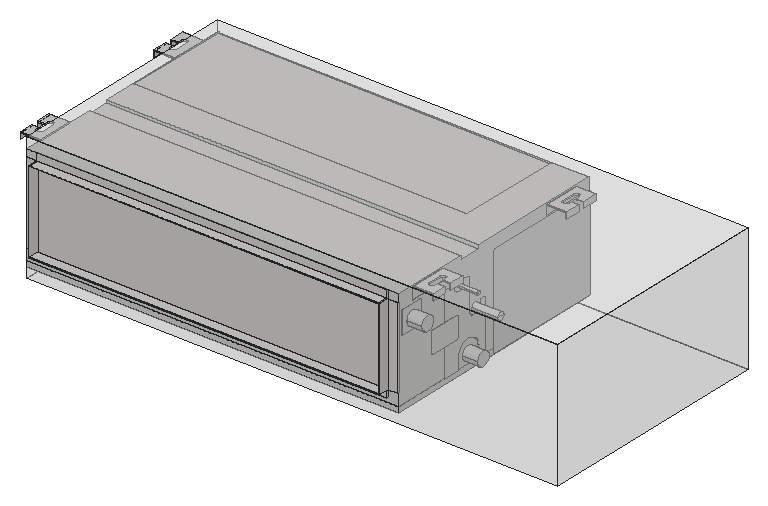
Revit family "outputfile", category 機械設備, Revit 2024
Family settings
  丸型コネクタ寸法 = 半径を使用
  パーツ タイプ = 標準
  OmniClass 番号 = 23.75.10.24.21.27.27
  OmniClass タイトル = Split System Air Conditioning Units
  作業面ベース = いいえ
  常に垂直 = はい
  ロード時にボイドで切り取り = いいえ
  注釈の向きを維持 = いいえ
  共有 = いいえ
  部屋計算ポイント = はい
Parameters (values of type "FPDQ20APV1")
  Description = ""
  書き出し IFC クラス(タイプ) = "IfcUnitaryEquipmentType"
  定義済み IFC タイプ(タイプ) = "AIRCONDITIONINGUNIT"
  Cost = 0
  Type Comments = ""
  Keynote = ""
  Type Image = (empty or 0)
  Assembly Code = ""
  w_RA Duct Size = RA Duct Size Width + 34.0 mm  # 630.0 mm
  r_HP/LP Gas Pipe Size = 4.75 mm
  lw_HP/LP Gas Pipe Size = 60.0 mm  # constant formula
  lh_HP/LP Gas Pipe Size = -103.0 mm
  ld_mountinghole = 67.5 mm  # constant formula
  ld_HP/LP Gas Pipe Size = 131.0 mm
  製造元 = "Daikin"
  モデル = "FPDQ20APV1"
  w_pipe = 33.0 mm
  r_Liquid Pipe Size = Liquid Pipe Size / 2  # 3.2 mm
  r_Gas Pipe Size = Gas Pipe Size / 2  # 6.35 mm
  r_Drain Pipe Size = Drain Pipe Size / 2  # 13.0 mm
  lw_powersupply = 49.5 mm
  lh_suctionflange [instance] = if(Rear Connection_Return Air, 100.0 mm + [h***], 190.0 mm + [h***])  # 100.0 mm
  ld_suctionflange [instance] = if(Rear Connection_Return Air, 190.0 mm, 100.0 mm)  # 190.0 mm
  ld_powersupply = 60.0 mm
  angle_vertical_RA [instance] = if(Rear Connection_Return Air, 90.00°, 0.00°)  # 90.00°
  angle horizontal_RA [instance] = if(Rear Connection_Return Air, 180.00°, 270.00°)  # 180.00°
  Voltage_comment_50Hz = "220 - 240"
  Voltage_50Hz = 230 V
  URL = ""
  Supply Air Direction [instance] = yes
  Sound Power Level_H speed (dB) = 0
  Rear Connection_Return Air [instance] = not(Bottom Connection_Return Air)  # yes
  RA_length = 190.0 mm  # constant formula
  Phase_50Hz = 1
  Minimum External Static Pressure = 10.00 Pa
  Minimum Circuit Amps_50Hz = 0.7 A
  Maximum Fuse Amps_50Hz = 16.0 A
  Maximum External Static Pressure = 30.00 Pa
  Material_Casing = DAIKIN_GalvanizedSteel_Casing_indoorunit
  lw_liquidpipe = 39.0 mm  # constant formula
  lw_gaspipe = 50.5 mm  # constant formula
  lw_mountinghole_pitch = Width + 40.0 mm  # 740.0 mm
  lw_mountinghole = 20.0 mm  # constant formula
  lw_drainpipe = 33.0 mm  # constant formula
  lh_powersupply = 20.0 mm
  lh_liquidpipe = 154.5 mm
  lh_gaspipe = 102.0 mm
  lh_mountinghole = Height + [h***]  # 200.0 mm
  lh_drainpipe = 50.0 mm
  lh_antena = 1.0 mm  # constant formula
  ld_liquidpipe = 141.0 mm
  ld_gaspipe = 178.5 mm  # constant formula
  ld_mountinghole_pitch = 315.0 mm  # constant formula
  ld_drainpipe = 422.0 mm  # constant formula
  ld_controlbox = 626.0 mm  # constant formula
  h*** = 0.0 mm  # constant formula
  d_dischargeflange = 22.2 mm  # constant formula
  Width = 700.0 mm
  Version = "ver.1.0"
  Unit Type = "Compact Ceiling Mounted Duct Type"
  Unit Mass Weight = 17.00 kg
  Unit Designation [instance] = ""
  Uniclass2015Version = "Products v1.30"
  Uniclass2015Title = "Variable refrigerant flow units"
  Uniclass2015Code = "Pr_70_65_03_94"
  Total Cooling Capacity [instance] = 0.000 kW
  Sound Pressure Level_M speed (dBA) = 25
  Sound Pressure Level_L speed (dBA) = 23
  Sound Pressure Level_H speed (dBA) = 27
  Series = "VRV HOME_Fan Coil Unit"
  Sensible Cooling Capacity [instance] = 0.000 kW
  SA Duct Size Width = 660.0 mm
  SA Duct Size Height = 153.0 mm
  Refrigerant Type = "R410A"
  RA Duct Size Width = 596.0 mm
  RA Duct Size Height = 172.0 mm
  Power Input (Cooling) = 0.072 kW
  Option Accessory 3 [instance] = ""
  Option Accessory 2 [instance] = ""
  Option Accessory 1 [instance] = ""
  Nominal Cooling Capacity = 2.200 kW
  Minimum Airflow = 390.00 m³/h
  Median Airflow = 456.00 m³/h
  Maximum Airflow = 522.00 m³/h
  Load Classification = HVAC
  Liquid Pipe Size = 6.4 mm
  Link_Nested Family [instance] = ""
  IfcVersion = ""
  IfcExportType = "AIRCONDITIONINGUNIT"
  IfcExportAs = "IfcUnitaryEquipmentType"
  Height = 200.0 mm
  Heat Exchanger Type = "Cross Fin Coil"
  Gas Pipe Size = 12.7 mm
  Frequency_50Hz = 50 Hz
  Fan Type = "Sirocco Fan"
  Fan Drive = "Direct Drive"
  FCU Tag No. [instance] = ""
  Drain Pipe Size = 26.0 mm
  Design Supply Airflow [instance] = 0.00 m³/h
  Design Return Airflow [instance] = 0.00 m³/h
  Design External Static Pressure [instance] = 0.00 Pa
  Depth = 450.0 mm
  既定の高さ = 0.0 mm
  Cooling Entering Wet Bulb Temperature [instance] = 0.00 °C
  Cooling Entering Dry Bulb Temperature [instance] = 0.00 °C
  Cooling Ambient Wet Bulb Temperature [instance] = 0.00 °C
  Cooling Ambient Dry Bulb Temperature [instance] = 0.00 °C
  Clearance visibility [instance] = yes
  Clearance Top = 20.0 mm
  Clearance Right = 300.0 mm
  Clearance Rear = 0.0 mm
  Clearance Left = 0.0 mm
  Clearance Front = 0.0 mm
  Clearance Bottom = 20.0 mm
  Bottom Connection_Return Air [instance] = no
Reference planes
  plane 1 "Center (Front/Back)": y = 0
  plane 2: z = 0
  plane 3 "Center (Left/Right)": x = 0
  plane 4 "Back": y = 225
  plane 5 "Front": y = -225
  plane 6 "Left": x = -350
  plane 7 "Right": x = 350
  plane 8 "Top": z = 0
  plane 9 "Bottom": z = -200
  plane 10: x = 325
  plane 11: x = -330
  plane 12: z = -180
  plane 13: z = -6
  plane 14: z = -22
  plane 15: z = -45.5
  plane 16: z = -98
  plane 17: x = -304
  plane 18: x = -370
  plane 19: x = 370
  plane 20: y = -157.5
  plane 21: y = 157.5
  plane 22: x = -390
  plane 23: x = 390
  plane 24: x = 389
  plane 25: x = 400.5
  plane 26: x = 383
  plane 27: z = 0
  plane 28: z = -150
  plane 29 "Clearance Left": x = -350
  plane 30 "Clearance Right": x = 650
  plane 31 "Clearance Rear": y = 225
  plane 32 "Clearance Front": y = -225
  plane 33 "Clearance Top": z = 20
  plane 34 "Clearance Bottom": z = -220
  plane 35: z = -14
  plane 36: z = -50
  plane 37: z = -96.5
  plane 38: x = -32
  plane 39: y = -46.5
  plane 40: y = -84
  plane 41: y = -30
  plane 42: y = -197
  plane 43: z = -90.5
  plane 44: y = -224
  plane 45: x = -349
  plane 46: z = -90
  plane 47: z = -30
  plane 48: y = 210
  plane 49: z = -199
  plane 50: y = 35
  plane 51: z = -101
  plane 52: x = 380
  plane 53: z = 11
  plane 54: z = 97.5
  plane 55: y = -94
Forms (mm)
  Extrusion 1, solid, material "DAIKIN_GalvanizedSteel_Casing_indoorunit" <- "Material_Casing"
    sketch origin (0, 0, 0) x (1, 0, 0) y (0, 1, 0)
      loop
        line (-350, -225) -> (350, -225) -> (350, 225) -> (-350, 225) -> (-350, -225)
    from -200 to 0
  Extrusion 2, void
    sketch origin (0, 0, 1) x (1, 0, 0) y (0, 1, 0)
      loop
        line (-350, -78) -> (350, -78) -> (350, -36) -> (-350, -36) -> (-350, -78)
    from -1 to -7
  Revolve 3, solid, material "DAIKIN_GalvanizedSteel_Casing_indoorunit" <- "Material_Casing"
    sketch origin (0, 0, -98) x (0, -1, 0) y (1, 0, 0)
      loop
        line (40.15, 350) -> (46.5, 350) -> (46.5, 400.5) -> (40.15, 400.5) -> (40.15, 350)
      axis (46.5, 350) -> (46.5, 400.5)
    angle from 0 to 360
  Revolve 4, solid, material "DAIKIN_GalvanizedSteel_Casing_indoorunit" <- "Material_Casing"
    sketch origin (0, 0, -45.5) x (0, -1, 0) y (1, 0, 0)
      loop
        line (84, 350) -> (84, 389) -> (80.8, 389) -> (80.8, 350) -> (84, 350)
      axis (84, 389) -> (84, 350)
    angle from 0 to 360
  Extrusion 5, solid, material "DAIKIN_GalvanizedSteel_Casing_indoorunit" <- "Material_Casing"
    sketch origin (350, 0, 33.75) x (0, 1, 0) y (0, 0, 1)
      loop
        circle (-197, -83.75) r 13
    from 0 to 33
  Extrusion 6, solid, material "DAIKIN_GalvanizedSteel_Casing_indoorunit" <- "Material_Casing"
    sketch origin (0, 0, 0) x (1, 0, 0) y (0, 0, 1)
      loop
        line (-350, -189.5) -> (-350, -200) -> (350, -200) -> (350, -189.5) -> (-350, -189.5)
    from 2 to 225
  Extrusion 7, solid, material "DAIKIN_GalvanizedSteel_Casing_indoorunit" <- "Material_Casing", visible <- "Bottom Connection_Return Air"
    sketch origin (0, 225, 0) x (-1, 0, 0) y (0, 0, 1)
      loop
        line (-279, -200) -> (349, -200) -> (349, -1) -> (-279, -1) -> (-279, -200)
    from -1 to 0
  Extrusion 8, void
    sketch origin (0, 225, 0) x (-1, 0, 0) y (0, 0, 1)
      loop
        line (-279, 0) -> (-279, -1) -> (349, -1) -> (349, 0) -> (-279, 0)
    from 0 to -199
  Extrusion 9, solid, material "DAIKIN_GalvanizedSteel_Casing_indoorunit" <- "Material_Casing", visible <- "Rear Connection_Return Air"
    sketch origin (0, 0, 0) x (1, 0, 0) y (0, 1, 0)
      loop
        line (-349, 225) -> (-349, 26) -> (279, 26) -> (279, 225) -> (-349, 225)
    from -200 to -199
  Extrusion 10, solid, material "DAIKIN_GalvanizedSteel_Casing_indoorunit" <- "Material_Casing"
    sketch origin (350, 0, 0) x (0, 1, 0) y (0, 0, 1)
      loop
        line (225, -22.445) -> (1.953, -22.445)
        arc (1.953, -22.445) -> (-0.169, -23.324) -> (-1.047, -25.445) r 3
        line (-1.047, -25.445) -> (-1.047, -195.005)
        arc (-1.047, -195.005) -> (-0.169, -197.126) -> (1.953, -198.005) r 3
        line (1.953, -198.005) -> (225, -198.005) -> (225, -22.445)
    from 1 to 0
  Extrusion 11, solid, material "DAIKIN_GalvanizedSteel_Casing_indoorunit" <- "Material_Casing"
    sketch origin (350, 0, 0) x (0, 1, 0) y (0, 0, 1)
      loop
        circle (-62, -170) r 13
    from 30 to 0
  Extrusion 12, solid, material "DAIKIN_GalvanizedSteel_Casing_indoorunit" <- "Material_Casing"
    sketch origin (350, 0, 0) x (0, 1, 0) y (0, 0, 1)
      loop
        line (-148.682, -97.261) -> (-148.687, -131.178)
        arc (-148.687, -131.178) -> (-147.811, -133.295) -> (-145.695, -134.172) r 2.993
        line (-145.695, -134.172) -> (-91.826, -134.18)
        arc (-91.826, -134.18) -> (-89.709, -133.304) -> (-88.832, -131.187) r 2.994
        line (-88.832, -131.187) -> (-88.832, -97.148)
        arc (-88.832, -97.148) -> (-89.749, -95.111) -> (-91.821, -94.277) r 2.992
        line (-91.821, -94.277) -> (-145.689, -94.269)
        arc (-145.689, -94.269) -> (-147.805, -95.145) -> (-148.682, -97.261) r 2.993
      loop
        line (-176, -70.949) -> (-176, -29) -> (-218, -29) -> (-218, -70.949) -> (-176, -70.949)
    from 0 to 3
  Extrusion 13, solid, material "DAIKIN_GalvanizedSteel_Casing_indoorunit" <- "Material_Casing"
    sketch origin (350, 0, 0) x (0, 1, 0) y (0, 0, 1)
      loop
        line (-37.558, -189.537) -> (-21.994, -189.537) -> (-21.994, -94.768)
        arc (-21.994, -94.768) -> (-22.579, -93.358) -> (-23.989, -92.773) r 1.995
        line (-23.989, -92.773) -> (-30.037, -92.773)
        arc (-30.037, -92.773) -> (-31.448, -93.358) -> (-32.032, -94.768) r 1.995
        line (-32.032, -94.768) -> (-32.032, -98)
        arc (-32.032, -98) -> (-46.255, -112.466) -> (-60.959, -98.49) r 14.468
        line (-60.959, -98.49) -> (-60.959, -42.953)
        arc (-60.959, -42.953) -> (-61.685, -41.568) -> (-63.124, -40.958) r 2.32
        line (-63.124, -40.958) -> (-69.828, -40.958)
        arc (-69.828, -40.958) -> (-71.239, -41.542) -> (-71.823, -42.953) r 1.995
        line (-71.823, -42.953) -> (-71.823, -45.946)
        arc (-71.823, -45.946) -> (-83.794, -57.917) -> (-95.765, -45.946) r 11.971
        line (-95.765, -45.946) -> (-95.765, -42.953)
        arc (-95.765, -42.953) -> (-96.349, -41.542) -> (-97.76, -40.958) r 1.995
        line (-97.76, -40.958) -> (-114.828, -40.958)
        arc (-114.828, -40.958) -> (-116.239, -41.542) -> (-116.823, -42.953) r 1.995
        line (-116.823, -42.953) -> (-116.823, -94.273) -> (-91.821, -94.277)
        arc (-91.821, -94.277) -> (-89.749, -95.111) -> (-88.832, -97.148) r 2.992
        line (-88.832, -97.148) -> (-88.832, -131.186)
        arc (-88.832, -131.186) -> (-89.709, -133.303) -> (-91.826, -134.18) r 2.994
        line (-91.826, -134.18) -> (-116.823, -134.176) -> (-116.823, -189.537) -> (-86.438, -189.537) -> (-86.438, -169.501)
        arc (-86.438, -169.501) -> (-61.998, -145.061) -> (-37.558, -169.501) r 24.44
        line (-37.558, -169.501) -> (-37.558, -189.537)
    from 0 to 1
  Extrusion 14, solid, material "DAIKIN_GalvanizedSteel_Casing_indoorunit" <- "Material_Casing"
    sketch origin (-350, 0, 0) x (0, 1, 0) y (0, 0, 1)
      loop
        line (72.017, -134.38) -> (151.983, -134.38) -> (151.983, -85.62) -> (72.017, -85.62) -> (72.017, -134.38)
    from 0 to -1
  Extrusion 15, solid, material "DAIKIN_GalvanizedSteel_Casing_indoorunit" <- "Material_Casing"
    sketch origin (-350, 0, 0) x (0, 1, 0) y (0, 0, 1)
      loop
        circle (112, -110) r 20.479
    from 0 to -7
  Extrusion 16, solid, material "DAIKIN_GalvanizedSteel_Casing_indoorunit" <- "Material_Casing"
    sketch origin (-350, 0, 0) x (0, 1, 0) y (0, 0, 1)
      loop
        circle (112, -110) r 17.066
    from 0 to -9
  Extrusion 17, solid, material "DAIKIN_GalvanizedSteel_Casing_indoorunit" <- "Material_Casing"
    sketch origin (-350, 0, 0) x (0, 1, 0) y (0, 0, 1)
      loop
        circle (112, -110) r 7.5
    from 0 to -22.5
Cuts and joins
  Extrusion 2, Extrusion 8 cuts Extrusion 1
  Extrusion 8 cuts Extrusion 6
  joined: Extrusion 14, Extrusion 15, Extrusion 16, Extrusion 17
Dimensions and locks
  "lh_powersupply": plane 12 to plane 9 "Bottom"
  locked: plane 8 "Top" to plane 13 at 6
  "Height": plane 8 "Top" to plane 9 "Bottom"
  locked: plane 17 to plane 3 "Center (Left/Right)" at 304
  equal spacing: plane 18, plane 3 "Center (Left/Right)", plane 19
  "lw_mountinghole_pitch": plane 18 to plane 19
  locked: plane 14 to plane 9 "Bottom" at 178
  "lw_mountinghole": plane 22 to plane 18
  "lh_liquidpipe": plane 15 to plane 9 "Bottom"
  "lh_gaspipe": plane 16 to plane 9 "Bottom"
  "lh_mountinghole": plane 27 to plane 9 "Bottom"
  "ld_mountinghole_pitch": plane 21 to plane 20
  equal spacing: plane 6 "Left", plane 3 "Center (Left/Right)", plane 7 "Right"
  "Width": plane 6 "Left" to plane 7 "Right"
  "lh_drainpipe": plane 28 to plane 9 "Bottom"
  "Clearance Right": plane 7 "Right" to plane 30 "Clearance Right"
  "Clearance Left": plane 29 "Clearance Left" to plane 6 "Left"
  "lw_gaspipe": plane 7 "Right" to plane 25
  "lw_liquidpipe": plane 7 "Right" to plane 24
  "lw_drainpipe": plane 7 "Right" to plane 26
  "Clearance Rear": plane 31 "Clearance Rear" to plane 4 "Back"
  "Clearance Front": plane 5 "Front" to plane 32 "Clearance Front"
  "Clearance Top": plane 33 "Clearance Top" to plane 8 "Top"
  "Clearance Bottom": plane 9 "Bottom" to plane 34 "Clearance Bottom"
  plane 8 "Top" to plane 35 = 14.0 mm
  "lh_drainpipe": plane 8 "Top" to plane 36
  locked: plane 37 to plane 9 "Bottom" at 103.5
  locked: plane 35 to plane 43 at 76.5
  "Depth": plane 4 "Back" to plane 5 "Front"
  equal spacing: plane 4 "Back", plane 1 "Center (Front/Back)", plane 5 "Front"
  locked: plane 44 to plane 5 "Front" at 1
  locked: plane 45 to plane 6 "Left" at 1
  Extrusion 7 sketch curve to Extrusion 7 sketch curve = 199.0 mm
  nested 12 to plane 38 = 298.0 mm
  locked: plane 12 to plane 46 at 90
  plane 31 "Clearance Rear" to Extrusion 7 = 0.0 mm
  locked: plane 47 to plane 34 "Clearance Bottom" at 190
  plane 48 to nested 13 = 1.0 mm
  locked: plane 49 to plane 9 "Bottom" at 1
  "ld_suctionflange": plane 4 "Back" to plane 50
  locked: plane 51 to plane 9 "Bottom" at 99
  locked: plane 52 to plane 7 "Right" at 30
  "r_Gas Pipe Size": Revolve 3 sketch curve to Revolve 3 sketch curve
  "ld_gaspipe": plane 39 to plane 5 "Front"
  "r_Liquid Pipe Size": Revolve 4 sketch curve to plane 40
  "ld_liquidpipe": plane 40 to plane 5 "Front"
  "ld_drainpipe": plane 4 "Back" to plane 42
  "ld_HP/LP Gas Pipe Size": plane 55 to plane 5 "Front"
  plane 8 "Top" to plane 15 = 45.5 mm
  Extrusion 2 sketch curve to plane 5 "Front" = 189.0 mm
  "lw_powersupply": nested 11 to plane 7 "Right"
  plane 4 "Back" to nested 11 = 60.0 mm
  locked: plane 7 "Right" to Extrusion 8 sketch curve at 71
  locked: plane 7 "Right" to Extrusion 7 sketch curve at 71
  "ld_mountinghole": plane 20 to plane 5 "Front"
  locked: Extrusion 6 sketch curve to plane 9 "Bottom" at 10.5
  "ld_gaspipe": Revolve 3 sketch curve to plane 5 "Front"
  plane 8 "Top" to Extrusion 12 sketch curve to Extrusion 12 sketch curve = 29.0 mm locked, 41.949 mm locked
  plane 5 "Front" to Extrusion 12 sketch curve to Extrusion 12 sketch curve = 7.0 mm locked, 42.0 mm locked
  "r_Drain Pipe Size": radius of Extrusion 5 sketch curve
  aligned and locked: level to plane 2
  aligned and locked: Extrusion 1 to plane 9 "Bottom"
  aligned and locked: plane 8 "Top" to Extrusion 1
  aligned and locked: Revolve 3 sketch curve to Revolve 3 sketch curve
  aligned and locked: plane 24 to nested 6
  aligned and locked: nested 6 to plane 15
  aligned and locked: nested 2 to plane 21
  aligned and locked: plane 19 to nested 2
  aligned and locked: plane 19 to nested 3
  aligned and locked: plane 18 to nested 4
  aligned and locked: plane 21 to nested 5
  aligned and locked: nested 5 to plane 21
  aligned and locked: plane 18 to nested 5
  aligned and locked: plane 8 "Top" to nested 1
  aligned and locked: Extrusion 6 to plane 5 "Front"
  aligned and locked: Extrusion 6 to plane 9 "Bottom"
  aligned and locked: nested 7 to plane 16
  aligned and locked: plane 39 to nested 7
  aligned and locked: plane 40 to nested 6
  aligned and locked: Extrusion 5 sketch curve to plane 42
  aligned and locked: nested 12 to plane 45
  aligned and locked: plane 4 "Back" to Extrusion 8
  aligned and locked: plane 8 "Top" to Extrusion 2
  aligned and locked: Extrusion 7 to cut or joined group of Extrusion 1, Extrusion 2, Extrusion 8
  aligned and locked: plane 9 "Bottom" to Extrusion 9  (x2)
  aligned and locked: Extrusion 9 to plane 49
  aligned and locked: plane 4 "Back" to nested 12
  aligned and locked: Extrusion 8 to level
  aligned and locked: plane 30 "Clearance Right" to nested 14
  aligned and locked: plane 29 "Clearance Left" to nested 14
  aligned and locked: nested 14 to plane 32 "Clearance Front"
  aligned and locked: nested 14 to plane 33 "Clearance Top"
  aligned and locked: nested 14 to plane 34 "Clearance Bottom"
  aligned and locked: plane 7 "Right" to Extrusion 10
  aligned and locked: Extrusion 2 to plane 13
  aligned and locked: nested 8 to plane 36
  aligned and locked: nested 10 to plane 1 "Center (Front/Back)"
  aligned and locked: plane 45 to Extrusion 7
  aligned and locked: nested 12 to plane 49
  aligned and locked: plane 3 "Center (Left/Right)" to nested 10
  aligned and locked: plane 43 to nested 9
  aligned and locked: level to plane 8 "Top"
  aligned and locked: plane 3 "Center (Left/Right)" to nested 1
  aligned and locked: Extrusion 1 sketch curve to plane 5 "Front"
  aligned and locked: plane 3 "Center (Left/Right)" to nested 16
  aligned and locked: plane 5 "Front" to nested 16
  aligned and locked: nested 9 to plane 5 "Front"
  aligned and locked: plane 40 to Revolve 4 sketch curve  (x2)
  aligned and locked: plane 7 "Right" to nested 7
  aligned and locked: Extrusion 9 sketch curve to cut or joined group of Extrusion 1, Extrusion 2, Extrusion 8
  aligned and locked: plane 45 to nested 13
  aligned and locked: plane 7 "Right" to nested 8
  aligned and locked: plane 42 to nested 8
  aligned and locked: cut or joined group of Extrusion 1, Extrusion 2, Extrusion 8 to Extrusion 9 sketch curve
  aligned and locked: plane 1 "Center (Front/Back)" to nested 1
  aligned and locked: nested 4 to plane 20
  aligned and locked: nested 3 to plane 20
  aligned and locked: nested 16 to plane 35
  aligned and locked: nested 13 to Extrusion 7
  aligned and locked: plane 38 to nested 15
  aligned and locked: nested 15 to plane 50
  aligned and locked: plane 4 "Back" to nested 11
  aligned and locked: plane 12 to nested 11
  aligned and locked: plane 7 "Right" to Revolve 4 sketch curve
  aligned and locked: plane 7 "Right" to Revolve 3 sketch curve
  aligned and locked: Revolve 3 sketch curve to nested 7
  aligned and locked: Extrusion 6 sketch curve to plane 9 "Bottom"
  aligned and locked: plane 31 "Clearance Rear" to nested 14
Automatic sketch dimensions
  Extrusion 1 sketch curve to plane 4 "Back" = 0.0 mm
  Extrusion 1 sketch curve to plane 6 "Left" = 0.0 mm
  Extrusion 1 sketch curve to plane 7 "Right" = 0.0 mm
  Extrusion 2 sketch curve to plane 6 "Left" = 0.0 mm
  Extrusion 2 sketch curve to plane 7 "Right" = 0.0 mm
  Revolve 3 sketch curve to plane 38 = 57.997 mm
  plane 24 to Revolve 3 sketch curve = 1.003 mm
  Revolve 4 sketch curve to plane 24 = 0.0 mm  (x2)
  Revolve 4 sketch curve to Revolve 4 sketch curve = 1.0 mm
  Extrusion 6 sketch curve to plane 6 "Left" = 0.0 mm
  Extrusion 6 sketch curve to plane 7 "Right" = 0.0 mm
  Extrusion 9 sketch curve to plane 45 = 0.0 mm
  Extrusion 9 sketch curve to plane 4 "Back" = 0.0 mm
  Extrusion 10 sketch curve to plane 4 "Back" = 0.0 mm
  plane 49 to Extrusion 10 sketch curve = 0.995 mm
  Extrusion 10 sketch curve to plane 50 = 33.047 mm  (x2)
  Extrusion 10 sketch curve to plane 14 = 3.445 mm
  Extrusion 10 sketch curve to Extrusion 10 sketch curve = 3.0 mm
  plane 36 to Extrusion 5 sketch curve = 0.0 mm
  Extrusion 7 sketch curve to plane 9 "Bottom" = 0.0 mm
  Extrusion 7 sketch curve to plane 45 = 0.0 mm
  Extrusion 8 sketch curve to level = 0.0 mm
  Extrusion 8 sketch curve to plane 45 = 0.0 mm
  Extrusion 8 sketch curve to Extrusion 8 sketch curve = 1.0 mm
  plane 20 to Extrusion 12 sketch curve = 8.813 mm
  Extrusion 12 sketch curve to plane 37 = 0.761 mm
  plane 20 to Extrusion 12 sketch curve = 8.818 mm
  Extrusion 12 sketch curve to Extrusion 12 sketch curve = 2.992 mm
  Extrusion 12 sketch curve to Extrusion 12 sketch curve = 2.993 mm  (x2)
  Extrusion 12 sketch curve to plane 37 = 0.762 mm
  plane 37 to Extrusion 12 sketch curve = 2.231 mm
  plane 55 to Extrusion 12 sketch curve = 2.174 mm
  plane 55 to Extrusion 12 sketch curve = 2.175 mm
  Extrusion 12 sketch curve to plane 37 = 0.77 mm
  plane 55 to Extrusion 12 sketch curve = 2.179 mm  (x2)
  Extrusion 12 sketch curve to plane 37 = 0.648 mm
  Extrusion 12 sketch curve to Extrusion 12 sketch curve = 2.99 mm
  plane 28 to Extrusion 12 sketch curve = 18.822 mm
  Extrusion 12 sketch curve to Extrusion 12 sketch curve = 0.0 mm
  plane 28 to Extrusion 12 sketch curve = 18.814 mm
  Extrusion 12 sketch curve to Extrusion 12 sketch curve = 0.001 mm
  Extrusion 11 sketch curve to plane 39 = 15.5 mm
  plane 12 to Extrusion 11 sketch curve = 10.0 mm
  Extrusion 13 sketch curve to plane 16 = 0.0 mm
  Extrusion 13 sketch curve to plane 39 = 0.0 mm
  plane 15 to Extrusion 13 sketch curve = 2.547 mm
  Extrusion 13 sketch curve to plane 39 = 14.459 mm
  Extrusion 13 sketch curve to plane 39 = 15.498 mm
  Extrusion 13 sketch curve to Extrusion 13 sketch curve = 2.165 mm
  Extrusion 13 sketch curve to Extrusion 13 sketch curve = 2.297 mm
  Extrusion 13 sketch curve to Extrusion 13 sketch curve = 6.704 mm
  Extrusion 13 sketch curve to plane 15 = 0.446 mm
  Extrusion 13 sketch curve to Extrusion 13 sketch curve = 1.995 mm  (x2)
  plane 40 to Extrusion 13 sketch curve = 0.206 mm
  Extrusion 13 sketch curve to plane 40 = 2.438 mm
  Extrusion 13 sketch curve to plane 37 = 0.648 mm
  Extrusion 13 sketch curve to plane 40 = 4.832 mm
  plane 55 to Extrusion 13 sketch curve = 2.179 mm  (x2)
  plane 16 to Extrusion 13 sketch curve = 0.73 mm
  plane 55 to Extrusion 13 sketch curve = 2.175 mm
  plane 55 to Extrusion 13 sketch curve = 2.174 mm
  plane 15 to Extrusion 13 sketch curve = 4.542 mm
  Extrusion 13 sketch curve to Extrusion 13 sketch curve = 17.068 mm
  plane 37 to Extrusion 13 sketch curve = 2.227 mm
  Extrusion 13 sketch curve to plane 55 = 22.823 mm  (x2)
  plane 37 to Extrusion 13 sketch curve = 1.732 mm  (x2)
  Extrusion 13 sketch curve to Extrusion 13 sketch curve = 14.468 mm
  Extrusion 13 sketch curve to plane 41 = 0.037 mm
  plane 41 to Extrusion 13 sketch curve = 6.011 mm
  plane 28 to Extrusion 13 sketch curve = 18.814 mm
  plane 28 to Extrusion 13 sketch curve = 15.824 mm
  plane 12 to Extrusion 13 sketch curve = 10.499 mm
  plane 49 to Extrusion 13 sketch curve = 9.463 mm  (x2)
  plane 15 to Extrusion 13 sketch curve = 2.226 mm
  plane 40 to Extrusion 2 sketch curve = 6.0 mm
  plane 46 to Extrusion 14 sketch curve = 4.38 mm
  plane 50 to Extrusion 14 sketch curve = 37.017 mm
  Extrusion 14 sketch curve to plane 21 = 5.517 mm
  plane 28 to Extrusion 14 sketch curve = 15.62 mm
  Extrusion 15 sketch curve to plane 51 = 9.0 mm
  Extrusion 15 sketch curve to plane 21 = 45.5 mm
  Extrusion 16 sketch curve to plane 51 = 9.0 mm
  Extrusion 16 sketch curve to plane 21 = 45.5 mm
  Extrusion 17 sketch curve to plane 51 = 9.0 mm
  Extrusion 17 sketch curve to plane 21 = 45.5 mm
  radius of Extrusion 11 sketch curve = 13.0 mm
  radius of Extrusion 15 sketch curve = 20.479 mm
  radius of Extrusion 16 sketch curve = 17.066 mm
  radius of Extrusion 17 sketch curve = 7.5 mm
Nested families
  nested 1: "daikin_hangerfixture_FPDQ-APV1" at (0, 0, 0), type "daikin_hangerfixture_FPDQ-APV1"
  nested 2: "daikin_mountinghole" at (370, 157.5, -200), l_antenna <- "lh_antena", Link_Nested Family <- "Link_Nested Family", h_mountinghole <- "lh_mountinghole", type "daikin_mountinghole"
    with show yes, l_antenna 1.0 mm, h_mountinghole 200.0 mm, Link_Nested Family ""
  nested 3: "daikin_mountinghole" at (370, -157.5, -200), Link_Nested Family <- "Link_Nested Family", l_antenna <- "lh_antena", h_mountinghole <- "lh_mountinghole", type "daikin_mountinghole"
    with show yes, l_antenna 1.0 mm, h_mountinghole 200.0 mm, Link_Nested Family ""
  nested 4: "daikin_mountinghole" at (-370, -157.5, -200), l_antenna <- "lh_antena", Link_Nested Family <- "Link_Nested Family", h_mountinghole <- "lh_mountinghole", type "daikin_mountinghole"
    with show yes, l_antenna 1.0 mm, h_mountinghole 200.0 mm, Link_Nested Family ""
  nested 5: "daikin_mountinghole" at (-370, 157.5, -200), l_antenna <- "lh_antena", Link_Nested Family <- "Link_Nested Family", h_mountinghole <- "lh_mountinghole", type "daikin_mountinghole"
    with show yes, l_antenna 1.0 mm, h_mountinghole 200.0 mm, Link_Nested Family ""
  nested 6: "daikin_connector_rotate2" at (350, -84, -45.5) x (0, 1, 0) z (0, 0, 1), length <- "lw_liquidpipe", built-in parameter 1001364 <- "lh_liquidpipe", radius <- "r_Liquid Pipe Size", type "daikin_connector_rotate2"
    with radius 3.2 mm, length 39.0 mm, angle_vertical 90.00°
  nested 7: "daikin_connector_rotate2" at (350, -46.5, -98) x (0, 1, 0) z (0, 0, 1), length <- "lw_gaspipe", built-in parameter 1001364 <- "lh_gaspipe", radius <- "r_Gas Pipe Size", type "daikin_connector_rotate2"
    with radius 6.35 mm, length 50.5 mm, angle_vertical 90.00°
  nested 8: "daikin_connector_rotate2" at (350, -197, -50) x (0, 1, 0) z (0, 0, 1), built-in parameter 1001364 <- "lh_drainpipe", radius <- "r_Drain Pipe Size", length <- "lw_drainpipe", type "daikin_connector_rotate2"
    with radius 13.0 mm, length 33.0 mm, angle_vertical 90.00°
  nested 9: "daikin_connector_rotate2" at (0, -225, -90.5), length <- "d_dischargeflange", type "daikin_connector_rotate2"
    with radius 10.0 mm, length 22.2 mm, angle_vertical 90.00°
  nested 10: "daikin_△_symbolicline" at (-75, -129.904, 200) x (-0.5, 0.866, 0) z (0, 0, 1), built-in parameter 1001364 <- "Height", visible <- "Supply Air Direction", type "daikin_△_symbolicline"
    with length 300.0 mm
  nested 11: "daikin_connector_rotate2" at (300.5, 165, -180) x (-1, 0, 0) z (0, 0, 1), type "daikin_connector_rotate2"
    with radius 10.0 mm, length 60.0 mm, angle_vertical 90.00°
  nested 12: "daikin_ductflange_FPDQ-APV1_2" at (-35, 225, -100), material <- "Material_Casing", visible <- "Rear Connection_Return Air", height <- "RA Duct Size Height", width <- "w_RA Duct Size", type "daikin_ductflange_FPDQ-APV1_2"
    with width 630.0 mm, material DAIKIN_GalvanizedSteel_Casing_indoorunit, height 172.0 mm, depth 21.2 mm
  nested 13: "daikin_ductflange_FPDQ-APV1_2" at (-35, 125, -200) x (1, 0, 0) z (0, 1, 0), material <- "Material_Casing", visible <- "Bottom Connection_Return Air", width <- "w_RA Duct Size", height <- "RA Duct Size Height", type "daikin_ductflange_FPDQ-APV1_2"
    with width 630.0 mm, material DAIKIN_GalvanizedSteel_Casing_indoorunit, height 172.0 mm, depth 21.0 mm
  nested 14: "daikin_clearancespace" at (150, 0, -99.881), visible <- "Clearance visibility", show <- "Clearance visibility", Link_Nested Family <- "Link_Nested Family", type "daikin_clearancespace"
    with width 1000.0 mm, show yes, height 240.0 mm, depth 450.0 mm, Link_Nested Family ""
  nested 15: "daikin_connector_rotate3" at (-32, 35, -100), built-in parameter 1001364 <- "lh_suctionflange", angle_vertical <- "angle_vertical_RA", angle_horizontal <- "angle horizontal_RA", length <- "RA_length", type "daikin_connector_rotate3"
    with show no, radius 10.0 mm, length 190.0 mm, angle_vertical 90.00°, angle_horizontal 180.00°
  nested 16: "daikin_ductflange_FPDQ-APV1_1" at (0, 88.5, -357.201), width <- "SA Duct Size Width", type "daikin_ductflange_FPDQ-APV1_1"
    with width 660.0 mm, material DAIKIN_GalvanizedSteel_Casing_indoorunit, height 155.0 mm, depth 20.0 mm
Connectors
  piping at (400.5, -46.5, -98), diameter 12.7, driven by "r_Gas Pipe Size"
    settings: on nested 7, index 1, connector inside diameter 609.6 mm, connector length 0.0 mm, flow factor 0, pipe flow 0.00 m³/h, pressure drop 0.0 Pa, fitting loss kfactor 0, connector angle 0.00°, fixture units 0, engagement length 0.0 mm, angle of deflection 0.00°, flow configuration 1, flow direction 2, fitting loss method 0, system type 29, joint type 0, gender type 0, connector reference index -1, connector utility 0, adjustable connector no, is connector primary yes, connector description "Refrigerant Gas Piping"
  piping at (389, -84, -45.5), diameter 6.4, driven by "r_Liquid Pipe Size"
    settings: on nested 6, index 2, connector inside diameter 609.6 mm, connector length 0.0 mm, flow factor 0, pipe flow 0.00 m³/h, pressure drop 0.0 Pa, fitting loss kfactor 0, connector angle 0.00°, fixture units 0, engagement length 0.0 mm, angle of deflection 0.00°, flow configuration 1, flow direction 1, fitting loss method 0, system type 29, joint type 0, gender type 0, connector reference index -1, connector utility 0, adjustable connector no, is connector primary no, connector description "Refrigerant Liquid Piping"
  piping at (383, -197, -50), diameter 26, driven by "r_Drain Pipe Size"
    settings: on nested 8, index 3, connector inside diameter 609.6 mm, connector length 0.0 mm, flow factor 0, pipe flow 0.00 m³/h, pressure drop 0.0 Pa, fitting loss kfactor 0, connector angle 0.00°, fixture units 0, engagement length 0.0 mm, angle of deflection 0.00°, flow configuration 1, flow direction 2, fitting loss method 4, system type 16, joint type 0, gender type 0, connector reference index -1, connector utility 0, adjustable connector no, is connector primary no, connector description "Condensate Drain Piping"
  electrical at (300.5, 225, -180), driven by "Load Classification"
    settings: on nested 11, index 9, voltage 0 V, apparent load 0 VA, apparent load phase1 0 VA, apparent load phase2 0 VA, apparent load phase3 0 VA, power factor 1, load classification "HVAC", number of poles 1, system type 30, power factor state 1, is connector primary yes, connector utility no, sub classification motor no, connector description "Power Supply"
  hvac at (0, -247.2, -90.5), driven by "SA Duct Size Height", driven by "SA Duct Size Width"
    settings: on nested 9, index 11, duct flow 0.00 m³/h, flow factor 0, pres drop 0.00 Pa, loss coef 0, conn angle 0.00°, conn width 660.0 mm, conn height 153.0 mm, conn diameter 609.6 mm, duct sys type 1, conn prof type 1, flow config 0, flow direction 2, loss method 4, conn ref index -1, conn util no, is conn primary yes, conn desc "SA Duct"
  hvac at (-32, 225, -100), driven by "RA Duct Size Height", driven by "RA Duct Size Width"
    settings: on nested 15, index 12, duct flow 0.00 m³/h, flow factor 0, pres drop 0.00 Pa, loss coef 0, conn angle 0.00°, conn width 596.0 mm, conn height 172.0 mm, conn diameter 609.6 mm, duct sys type 2, conn prof type 1, flow config 0, flow direction 1, loss method 4, conn ref index -1, conn util no, is conn primary no, conn desc "RA Duct"
  piping at (400.5, -46.5, -98), diameter 12.7, driven by "r_Gas Pipe Size"
    settings: on nested 7, index 13, connector inside diameter 609.6 mm, connector length 0.0 mm, flow factor 0, pipe flow 0.00 m³/h, pressure drop 0.0 Pa, fitting loss kfactor 0, connector angle 0.00°, fixture units 0, engagement length 0.0 mm, angle of deflection 0.00°, flow configuration 1, flow direction 2, fitting loss method 0, system type 29, joint type 0, gender type 0, connector reference index -1, connector utility 0, adjustable connector no, is connector primary no, connector description "Refrigerant Gas Piping"
Definition of nested family "daikin_hangerfixture_FPDQ-APV1"
  Parameters (values of type "daikin_hangerfixture_FPRQ-APVM")
    width = 700.0 mm
    material = none
    height = 65.0 mm
    depth = 620.0 mm
    Default Elevation = 0.0 mm
  Reference planes
    plane 1 "Center (Front/Back)": y = 0
    plane 2: z = 0
    plane 3 "Center (Left/Right)": x = 0
    plane 4: x = 350
    plane 5: y = 310
    plane 6: y = -310
    plane 7: x = -350
  Forms (mm)
    Extrusion 1, solid, material <- "material"
      sketch origin (0, 0, 0) x (1, 0, 0) y (0, 0, 1)
        loop
          line (350, 0) -> (350, -24.477) -> (351.56, -22.917) -> (351.56, -1.56) -> (387.944, -1.56) -> (387.944, -11.312) -> (389.504, -11.312) -> (389.504, 0) -> (350, 0)
      from -310 to 310
    Extrusion 2, void
      sketch origin (0, 0, 0) x (0, 1, 0) y (0, 0, 1)
        loop
          line (310, -30) -> (310, -17.979) -> (87.935, -17.979) -> (75.914, -30) -> (310, -30)
      from 0 to 618
    Extrusion 3, void
      sketch origin (0, 0, 0) x (1, 0, 0) y (0, 1, 0)
        loop
          line (389.5, 163.755) -> (375.851, 163.755) -> (375.851, 169.607)
          arc (375.851, 169.607) -> (370, 175.458) -> (364.149, 169.607) r 5.851
          line (364.149, 169.607) -> (364.149, 145.227)
          arc (364.149, 145.227) -> (370, 139.376) -> (375.851, 145.227) r 5.851
          line (375.851, 145.227) -> (375.851, 151.078) -> (389.5, 151.078) -> (389.5, 163.755)
        loop
          line (389.5, -151.161) -> (375.851, -151.161) -> (375.851, -145.31)
          arc (375.851, -145.31) -> (370, -139.459) -> (364.149, -145.31) r 5.851
          line (364.149, -145.31) -> (364.149, -169.69)
          arc (364.149, -169.69) -> (370, -175.541) -> (375.851, -169.69) r 5.851
          line (375.851, -169.69) -> (375.851, -163.839) -> (389.5, -163.839) -> (389.5, -151.161)
        loop
          line (350, 310) -> (350, 191.548) -> (389.504, 191.548) -> (389.504, 310) -> (350, 310)
        loop
          line (350, 123.285) -> (350, -123.368) -> (389.504, -123.368) -> (389.504, 123.285) -> (350, 123.285)
        loop
          line (350, -191.632) -> (350, -310) -> (389.504, -310) -> (389.504, -191.632) -> (350, -191.632)
      from -254.96 to 618
    Extrusion 4, solid, material <- "material"
      sketch origin (0, 0, 0) x (-1, 0, 0) y (0, 0, -1)
        loop
          line (350, 0) -> (389.504, 0) -> (389.504, 11.312) -> (387.944, 11.312) -> (387.944, 1.56) -> (351.56, 1.56) -> (351.56, 22.917) -> (350, 24.477) -> (350, 0)
      from -310 to 310
    Extrusion 5, void
      sketch origin (0, 0, 0) x (-1, 0, 0) y (0, -1, 0)
        loop
          line (389.5, -151.161) -> (375.851, -151.161) -> (375.851, -145.31)
          arc (375.851, -145.31) -> (370, -139.459) -> (364.149, -145.31) r 5.851
          line (364.149, -145.31) -> (364.149, -169.69)
          arc (364.149, -169.69) -> (370, -175.541) -> (375.851, -169.69) r 5.851
          line (375.851, -169.69) -> (375.851, -163.839) -> (389.5, -163.839) -> (389.5, -151.161)
        loop
          line (389.5, 163.839) -> (375.851, 163.839) -> (375.851, 169.69)
          arc (375.851, 169.69) -> (370, 175.541) -> (364.149, 169.69) r 5.851
          line (364.149, 169.69) -> (364.149, 145.31)
          arc (364.149, 145.31) -> (370, 139.459) -> (375.851, 145.31) r 5.851
          line (375.851, 145.31) -> (375.851, 151.161) -> (389.5, 151.161) -> (389.5, 163.839)
        loop
          line (389.504, 191.632) -> (389.504, 310) -> (350, 310) -> (350, 191.632) -> (389.504, 191.632)
        loop
          line (389.504, 123.368) -> (350, 123.368) -> (350, -123.368) -> (389.504, -123.368) -> (389.504, 123.368)
        loop
          line (389.504, -191.632) -> (350, -191.632) -> (350, -310) -> (389.504, -310) -> (389.504, -191.632)
      from -254.96 to 618
  Cuts and joins
    Extrusion 2, Extrusion 3, Extrusion 5 cuts Extrusion 1
    Extrusion 5 cuts Extrusion 4
  Dimensions and locks
    equal spacing: plane 5, plane 1 "Center (Front/Back)", plane 6
    "depth": plane 5 to plane 6
    plane 6 to plane 1 "Center (Front/Back)" to plane 5 = 310.0 mm, 310.0 mm
    locked: Extrusion 1 sketch curve to plane 4 at 1.56
    locked: level to Extrusion 1 sketch curve at 1.56
    locked: Extrusion 1 sketch curve to plane 4 at 39.504
    locked: level to Extrusion 1 sketch curve at 11.312
    locked: Extrusion 1 sketch curve to Extrusion 1 sketch curve at 1.56
    locked: level to Extrusion 1 sketch curve at 24.477
    equal spacing: plane 7, plane 3 "Center (Left/Right)", plane 4
    "width": plane 7 to plane 4
    locked: plane 7 to Extrusion 4 sketch curve at 1.56
    locked: level to Extrusion 4 sketch curve at 11.312
    locked: plane 7 to Extrusion 4 sketch curve at 39.504
    locked: Extrusion 4 sketch curve to Extrusion 4 sketch curve at 1.56
    locked: plane 2 to Extrusion 4 sketch curve at 1.56
    locked: plane 2 to Extrusion 4 sketch curve at 24.477
    aligned and locked: level to plane 2
    aligned and locked: plane 5 to Extrusion 1
    aligned and locked: Extrusion 1 to plane 6
    aligned and locked: Extrusion 1 to plane 4
    aligned and locked: plane 5 to cut or joined group of Extrusion 1, Extrusion 2, Extrusion 3, Extrusion 5
    aligned and locked: cut or joined group of Extrusion 1, Extrusion 2, Extrusion 3, Extrusion 5 to plane 6
    aligned and locked: level to cut or joined group of Extrusion 1, Extrusion 2, Extrusion 3, Extrusion 5
    aligned and locked: plane 5 to cut or joined group of Extrusion 4, Extrusion 5
    aligned and locked: cut or joined group of Extrusion 4, Extrusion 5 to plane 6
    aligned and locked: Extrusion 1 sketch curve to level
    aligned and locked: Extrusion 4 sketch curve to plane 7
    aligned and locked: plane 2 to Extrusion 4 sketch curve
  Automatic sketch dimensions
    Extrusion 2 sketch curve to plane 5 = 0.0 mm
    Extrusion 2 sketch curve to level = 17.979 mm
    Extrusion 2 sketch curve to plane 1 "Center (Front/Back)" = 87.935 mm
    Extrusion 2 sketch curve to level = 30.0 mm
    Extrusion 2 sketch curve to Extrusion 2 sketch curve = 12.021 mm
    Extrusion 1 sketch curve to plane 4 = 0.0 mm
    Extrusion 1 sketch curve to Extrusion 1 sketch curve = 1.56 mm
    Extrusion 4 sketch curve to Extrusion 4 sketch curve = 1.56 mm
    Extrusion 3 sketch curve to plane 4 = 0.0 mm  (x3)
    Extrusion 3 sketch curve to plane 5 = 0.0 mm
    Extrusion 3 sketch curve to plane 6 = 0.0 mm
    plane 4 to Extrusion 3 sketch curve = 14.149 mm  (x2)
    Extrusion 3 sketch curve to Extrusion 3 sketch curve = 5.851 mm  (x8)
    Extrusion 3 sketch curve to Extrusion 3 sketch curve = 13.649 mm  (x2)
    Extrusion 3 sketch curve to Extrusion 3 sketch curve = 13.653 mm  (x3)
    plane 6 to Extrusion 3 sketch curve = 118.368 mm
    Extrusion 3 sketch curve to Extrusion 3 sketch curve = 21.942 mm  (x4)
    Extrusion 3 sketch curve to Extrusion 3 sketch curve = 12.678 mm  (x2)
    Extrusion 3 sketch curve to plane 1 "Center (Front/Back)" = 123.285 mm
    Extrusion 5 sketch curve to plane 5 = 0.0 mm
    Extrusion 5 sketch curve to plane 7 = 0.0 mm  (x3)
    Extrusion 5 sketch curve to plane 6 = 0.0 mm
    Extrusion 5 sketch curve to plane 7 = 14.149 mm  (x2)
    Extrusion 5 sketch curve to Extrusion 5 sketch curve = 5.851 mm  (x8)
    Extrusion 5 sketch curve to Extrusion 5 sketch curve = 13.649 mm  (x2)
    Extrusion 5 sketch curve to Extrusion 5 sketch curve = 13.653 mm  (x3)
    Extrusion 5 sketch curve to Extrusion 5 sketch curve = 118.368 mm
    Extrusion 5 sketch curve to Extrusion 5 sketch curve = 21.942 mm  (x4)
    Extrusion 5 sketch curve to Extrusion 5 sketch curve = 12.678 mm  (x2)
    plane 1 "Center (Front/Back)" to Extrusion 5 sketch curve = 123.368 mm
Definition of nested family "daikin_ductflange_FPDQ-APV1_2"
  Parameters (values of type "daikin_ductflange_FPDQ-APV1_2")
    width [instance] = 620.0 mm
    material [instance] = none
    height [instance] = 160.0 mm
    depth [instance] = 21.2 mm
    Default Elevation = 0.0 mm
  Reference planes
    plane 1 "Center (Front/Back)": y = 0
    plane 2: z = 0
    plane 3 "Center (Left/Right)": x = 0
    plane 4: y = -313.5
    plane 5: y = -334.7
    plane 6: x = -310
    plane 7: x = 310
    plane 8: z = 80
    plane 9: z = -80
    plane 10: z = 100
    plane 11: z = -100
    plane 12: x = -309
    plane 13: x = 309
  Forms (mm)
    Extrusion 1, solid, material <- "material"
      sketch origin (0, 0, 0) x (1, 0, 0) y (0, 0, 1)
        loop
          line (-290, 80) -> (-290, -80) -> (296, -80) -> (296, 80) -> (-290, 80)
        loop
          line (-309, -99) -> (309, -99) -> (309, 99) -> (-309, 99) -> (-309, -99)
      from 0 to 1
  Dimensions and locks
    plane 4 to plane 1 "Center (Front/Back)" = 313.5 mm
    "depth": plane 5 to plane 4
    equal spacing: plane 7, plane 3 "Center (Left/Right)", plane 6, locked at 310 each
    "width": plane 7 to plane 6
    equal spacing: plane 8, level, plane 9
    "height": plane 8 to plane 9
    equal spacing: plane 10, level, plane 11, locked at 100 each
    locked: plane 10 to plane 11 at 200
    plane 12 to plane 6 = 1.0 mm
    locked: plane 7 to plane 13 at 1
    Extrusion 1 sketch curve to Extrusion 1 sketch curve = 19.0 mm  (x2)
    locked: Extrusion 1 sketch curve to Extrusion 1 sketch curve at 19
    locked: Extrusion 1 sketch curve to Extrusion 1 sketch curve at 13
    locked: plane 10 to Extrusion 1 sketch curve at 1
    locked: Extrusion 1 sketch curve to plane 11 at 1
    aligned and locked: level to plane 2
    aligned and locked: plane 8 to Extrusion 1
    aligned and locked: plane 9 to Extrusion 1
  Automatic sketch dimensions
    plane 6 to Extrusion 1 sketch curve = 1.0 mm
    Extrusion 1 sketch curve to plane 7 = 1.0 mm
Definition of nested family "daikin_clearancespace"
  Parameters (values of type "daikin_clearancespace")
    Description = "daikin_clearancespace"
    width [instance] = 1823.963 mm
    show [instance] = yes
    material = none
    height [instance] = 1359.762 mm
    depth [instance] = 880.0 mm
    Default Elevation = 0.0 mm
    Link_Nested Family [instance] = ""
  Reference planes
    plane 1 "Center (Front/Back)": y = 0
    plane 2 "Center (Elevation)": z = -0.119
    plane 3 "Center (Left/Right)": x = 0
    plane 4: y = 440
    plane 5: y = -440
    plane 6 "Right": x = 911.982
    plane 7 "Left": x = -911.982
    plane 8 "Top": z = 679.762
    plane 9 "Bottom": z = -680
  Forms (mm)
    Extrusion 1, solid, material <- "material", visible <- "show"
      sketch origin (0, 0, 0) x (1, 0, 0) y (0, 1, 0)
        loop
          line (-911.982, 440) -> (-911.982, -440) -> (911.982, -440) -> (911.982, 440) -> (-911.982, 440)
      from -680 to 679.762
  Lines and regions (mm)
    symbolic lines, visible <- "show"
      curve 1: line (911.982, 440, 0) -> (-911.982, 440, 0)
      curve 2: line (-911.982, 440, 0) -> (-911.982, -440, 0)
      curve 3: line (-911.982, -440, 0) -> (911.982, -440, 0)
      curve 4: line (911.982, -440, 0) -> (911.982, 440, 0)
      curve 5: line (911.982, 0, 679.762) -> (-911.982, 0, 679.762)
      curve 6: line (911.982, 0, -680) -> (911.982, 0, 679.762)
      curve 7: line (-911.982, 0, -680) -> (911.982, 0, -680)
      curve 8: line (-911.982, 0, 679.762) -> (-911.982, 0, -680)
      curve 9: line (0, 440, 679.762) -> (0, -440, 679.762)
      curve 10: line (0, -440, 679.762) -> (0, -440, -680)
      curve 11: line (0, 440, -680) -> (0, 440, 679.762)
      curve 12: line (0, -440, -680) -> (0, 440, -680)
  Dimensions and locks
    "width": plane 7 "Left" to plane 6 "Right"
    "depth": plane 4 to plane 5
    "height": plane 8 "Top" to plane 9 "Bottom"
    equal spacing: plane 7 "Left", plane 3 "Center (Left/Right)", plane 6 "Right"
    equal spacing: plane 4, plane 1 "Center (Front/Back)", plane 5
    equal spacing: plane 8 "Top", plane 2 "Center (Elevation)", plane 9 "Bottom"
    aligned and locked: level to plane 2 "Center (Elevation)"
    aligned and locked: Extrusion 1 sketch curve to plane 4
    aligned and locked: plane 7 "Left" to Extrusion 1 sketch curve
    aligned and locked: Extrusion 1 sketch curve to plane 5
    aligned and locked: Extrusion 1 sketch curve to plane 6 "Right"
    aligned and locked: plane 8 "Top" to Extrusion 1
    aligned and locked: curve 1 to Extrusion 1
    aligned and locked: curve 2 to Extrusion 1
    aligned and locked: curve 3 to Extrusion 1
    aligned and locked: curve 4 to Extrusion 1
    aligned and locked: curve 5 to Extrusion 1
    aligned and locked: curve 6 to Extrusion 1
    aligned and locked: curve 7 to Extrusion 1
    aligned and locked: curve 8 to Extrusion 1
    aligned and locked: curve 9 to Extrusion 1
    aligned and locked: curve 10 to Extrusion 1
    aligned and locked: curve 11 to Extrusion 1
    aligned and locked: curve 12 to Extrusion 1
    aligned and locked: Extrusion 1 to plane 9 "Bottom"
Definition of nested family "daikin_ductflange_FPDQ-APV1_1"
  Parameters (values of type "daikin_ductflange_FPRQ-APVM_1")
    width [instance] = 660.0 mm
    material [instance] = none
    height [instance] = 155.0 mm
    depth [instance] = 22.2 mm
    Default Elevation = 0.0 mm
  Reference planes
    plane 1 "Center (Front/Back)": y = 0
    plane 2: z = 189.201
    plane 3 "Center (Left/Right)": x = 0
    plane 4: y = -313.5
    plane 5: x = -330
    plane 6: x = 330
    plane 7: y = -335.7
    plane 8: z = 344.201
    plane 9: z = 266.701
    plane 10: z = 343.201
    plane 11: z = 190.201
  Forms (mm)
    Extrusion 1, solid, material <- "material"
      sketch origin (0, 0, 189.201) x (1, 0, 0) y (0, 1, 0)
        loop
          line (-330, -335.7) -> (-330, -313.5) -> (-350, -313.5) -> (-350, -314.5) -> (-331, -314.5) -> (-331, -335.7) -> (-330, -335.7)
        loop
          line (330, -335.7) -> (331, -335.7) -> (331, -314.5) -> (350, -314.5) -> (350, -313.5) -> (330, -313.5) -> (330, -335.7)
      from 1 to 154
    Extrusion 2, solid, material <- "material"
      sketch origin (0, 0, 0) x (0, 1, 0) y (0, 0, 1)
        loop
          line (-313.5, 343.201) -> (-313.5, 357.201) -> (-314.5, 357.201) -> (-314.5, 344.201) -> (-335.7, 344.201) -> (-335.7, 343.201) -> (-313.5, 343.201)
        loop
          line (-313.5, 190.201) -> (-335.7, 190.201) -> (-335.7, 189.201) -> (-314.5, 189.201) -> (-314.5, 176.201) -> (-313.5, 176.201) -> (-313.5, 190.201)
      from -330 to 330
  Dimensions and locks
    plane 4 to plane 1 "Center (Front/Back)" = 313.5 mm
    "depth": plane 7 to plane 4
    equal spacing: plane 8, plane 9, level
    "height": plane 8 to level
    equal spacing: plane 6, plane 3 "Center (Left/Right)", plane 5
    "width": plane 6 to plane 5
    locked: plane 8 to plane 10 at 1
    locked: plane 11 to level at 1
    locked: Extrusion 1 to Extrusion 2 sketch curve at 1
    locked: Extrusion 2 sketch curve to Extrusion 1 at 1
    locked: Extrusion 1 sketch curve to Extrusion 1 sketch curve at 1  (x2)
    locked: Extrusion 1 sketch curve to plane 5 at 20
    locked: plane 6 to Extrusion 1 sketch curve at 20
    aligned and locked: level to plane 2
    aligned and locked: plane 4 to Extrusion 1  (x2)
    aligned and locked: plane 5 to Extrusion 1
    aligned and locked: Extrusion 1 to plane 7  (x2)
    aligned and locked: Extrusion 1 to plane 6
    aligned and locked: Extrusion 1 to plane 10
    aligned and locked: Extrusion 1 to plane 11
    aligned and locked: plane 10 to Extrusion 1
    aligned and locked: plane 11 to Extrusion 1
    aligned and locked: Extrusion 2 to plane 5
    aligned and locked: plane 5 to Extrusion 2
    aligned and locked: plane 6 to Extrusion 2
    aligned and locked: Extrusion 2 to plane 6
    aligned and locked: Extrusion 2 to plane 11
    aligned and locked: Extrusion 2 to plane 10
  Automatic sketch dimensions
    Extrusion 1 sketch curve to plane 4 = 0.0 mm  (x2)
    Extrusion 1 sketch curve to plane 7 = 0.0 mm  (x2)
    Extrusion 1 sketch curve to plane 5 = 0.0 mm
    Extrusion 1 sketch curve to plane 5 = 1.0 mm
    plane 6 to Extrusion 1 sketch curve = 1.0 mm
    Extrusion 2 sketch curve to plane 7 = 0.0 mm  (x2)
    Extrusion 2 sketch curve to plane 4 = 0.0 mm  (x2)
    Extrusion 2 sketch curve to plane 11 = 0.0 mm
    Extrusion 2 sketch curve to plane 10 = 0.0 mm
    Extrusion 2 sketch curve to plane 4 = 1.0 mm  (x2)
    Extrusion 2 sketch curve to level = 13.0 mm
    plane 8 to Extrusion 2 sketch curve = 13.0 mm
    Extrusion 1 sketch curve to plane 6 = 0.0 mm
Definition of nested family "daikin_mountinghole"
  Parameters (values of type "daikin_mountinghole")
    Default Elevation = 1219.2 mm
    Type Comments = "mountinghole"
    show [instance] = yes
    material = none
    l_centerline = 100.0 mm
    l_antenna [instance] = 100.0 mm
    h_mountinghole [instance] = 0.0 mm
    d_circle = 30.0 mm
    Link_Nested Family [instance] = ""
  Reference planes
    plane 1 "Center (Front/Back)": y = 0
    plane 2: z = 0
    plane 3 "Center (Left/Right)": x = 0
    plane 4: y = 50
    plane 5: x = -50
    plane 6: x = 50
    plane 7: y = -50
    plane 8 "h_mountinghole": z = 0
    plane 9: z = 100
  Lines and regions (mm)
    model lines, detail levels fine
      curve 1: circle (0, 0, 0) r 15 normal (0, 0, 1)
      curve 2: line (-50, 0, 0) -> (50, 0, 0)
      curve 3: line (0, 50, 0) -> (0, -50, 0)
    symbolic lines, detail levels fine
      curve 4: circle (0, 0, 0) r 15 normal (0, 0, 1)
      curve 5: line (-50, 0, 0) -> (50, 0, 0)
      curve 6: line (0, 50, 0) -> (0, -50, 0)
    model lines
      curve 7: line (0, 0, 100) -> (0, 0, 0)
  Dimensions and locks
    equal spacing: plane 4, plane 1 "Center (Front/Back)", plane 7
    "l_centerline": plane 4 to plane 7
    equal spacing: plane 5, plane 3 "Center (Left/Right)", plane 6
    "l_centerline": plane 5 to plane 6
    "l_antenna": plane 9 to plane 8 "h_mountinghole"
    "h_mountinghole": plane 8 "h_mountinghole" to plane 2
    "d_circle": diameter of curve 1
    "d_circle": diameter of curve 4
    aligned and locked: level to plane 2
    aligned and locked: plane 1 "Center (Front/Back)" to curve 1
    aligned and locked: plane 3 "Center (Left/Right)" to curve 1
    aligned and locked: plane 1 "Center (Front/Back)" to curve 2
    aligned and locked: curve 3 to plane 3 "Center (Left/Right)"
    aligned and locked: plane 6 to curve 2
    aligned and locked: plane 5 to curve 2
    aligned and locked: plane 4 to curve 3
    aligned and locked: plane 7 to curve 3
    aligned and locked: plane 1 "Center (Front/Back)" to curve 4
    aligned and locked: plane 3 "Center (Left/Right)" to curve 4
    aligned and locked: plane 6 to curve 5
    aligned and locked: plane 5 to curve 5
    aligned and locked: plane 1 "Center (Front/Back)" to curve 5
    aligned and locked: plane 4 to curve 6
    aligned and locked: plane 7 to curve 6
    aligned and locked: curve 6 to plane 3 "Center (Left/Right)"
    aligned and locked: curve 7 to plane 3 "Center (Left/Right)"
    aligned and locked: plane 9 to curve 7
    aligned and locked: plane 8 "h_mountinghole" to curve 7
Definition of nested family "daikin_connector_rotate2"
  Parameters (values of type "daikin_connector_rotate2")
    show_face = no
    radius [instance] = 10.0 mm
    length [instance] = 600.0 mm
    d_surface = 10.0 mm
    angle_vertical [instance] = 90.00°
    Default Elevation = 0.0 mm
  Reference planes
    plane 1 "Center (Front/Back)": y = 0
    plane 2: z = 0
    plane 3 "Center (Left/Right)": x = 0
  Forms (mm)
    Extrusion 1, solid, visible <- "show_face"
      sketch origin (0, -600, 0) x (1, 0, 0) y (0, 0, 1)
        loop
          circle (0, 0) r 10
      from 0 to -10
  Lines and regions (mm)
    reference lines
      curve 1: line (0, 0, 0) -> (0, -600, 0)
    symbolic lines
      curve 2: circle (0, 0, 0) r 5 normal (0, 0, 1)
    model lines, visible <- "show_face"
      curve 3: line (0, 0, 0) -> (0, -600, 0)
  Dimensions and locks
    "length": curve 1 to curve 1
    "length": curve 3 to curve 3
    "d_surface": Extrusion 1 to Extrusion 1
    "radius": radius of Extrusion 1 sketch curve
    "angle_vertical": angle curve 1 to plane 1 "Center (Front/Back)"
    "angle_vertical": angle curve 3 to plane 1 "Center (Front/Back)"
    aligned and locked: level to plane 2
    aligned and locked: plane 1 "Center (Front/Back)" to curve 1
    aligned and locked: plane 2 to curve 1
    aligned and locked: plane 1 "Center (Front/Back)" to curve 2
    aligned and locked: plane 3 "Center (Left/Right)" to curve 2
    aligned and locked: plane 1 "Center (Front/Back)" to curve 3
    aligned and locked: plane 2 to curve 3
    aligned and locked: Extrusion 1 to Extrusion 1
  Automatic sketch dimensions
    Extrusion 1 sketch curve to level = 0.0 mm
    Extrusion 1 sketch curve to plane 3 "Center (Left/Right)" = 0.0 mm
    radius of curve 2 = 5.0 mm
Definition of nested family "daikin_△_symbolicline"
  Parameters (values of type "daikin_△_symbolicline")
    length [instance] = 500.0 mm
    Default Elevation = 0.0 mm
  Reference planes
    plane 1 "Center (Front/Back)": y = 0
    plane 2: z = 0
    plane 3 "Center (Left/Right)": x = 0
  Lines and regions (mm)
    symbolic lines
      curve 1: line (0, -433.013, 0) -> (250, 0, 0)
      curve 2: line (250, 0, 0) -> (-250, 0, 0)
      curve 3: line (-250, 0, 0) -> (0, -433.013, 0)
  Dimensions and locks
    equal spacing: curve 3, plane 3 "Center (Left/Right)", curve 2
    "length": curve 3 to curve 2
    "length": curve 3 to curve 3
    "length": curve 1 to curve 1
    aligned and locked: level to plane 2
    aligned and locked: curve 2 to plane 1 "Center (Front/Back)"
    aligned and locked: plane 3 "Center (Left/Right)" to curve 3
Definition of nested family "daikin_connector_rotate3"
  Parameters (values of type "daikin_connector_rotate3")
    Default Elevation = 0.0 mm
    show [instance] = no
    radius [instance] = 10.0 mm
    length [instance] = 600.0 mm
    angle_horizontal [instance] = 60.00°
    angle_vertical [instance] = 90.00°
  Reference planes
    plane 1 "Center (Front/Back)": y = 0
    plane 2: z = 0
    plane 3 "Center (Left/Right)": x = 0
  Dimensions and locks
    "angle_horizontal": angle plane 3 "Center (Left/Right)" to nested 1
    aligned and locked: level to plane 2
    aligned and locked: plane 1 "Center (Front/Back)" to nested 1  (x2)
    aligned and locked: plane 3 "Center (Left/Right)" to nested 1
  Nested families
    nested 1: "daikin_connector_rotate2" at (0, 0, 0) x (0.5, 0.866, 0) z (0, 0, 1), angle_vertical <- "angle_vertical", length <- "length", radius <- "radius", type "daikin_connector_rotate2"
      with radius 10.0 mm, length 600.0 mm, angle_vertical 90.00°, show_face no
  Definition of nested family "daikin_connector_rotate2"
    Parameters (values of type "daikin_connector_rotate2")
      show_face = yes
      radius [instance] = 10.0 mm
      length [instance] = 600.0 mm
      d_surface = 10.0 mm
      angle_vertical [instance] = 90.00°
      Default Elevation = 0.0 mm
    Reference planes
      plane 1 "Center (Front/Back)": y = 0
      plane 2: z = 0
      plane 3 "Center (Left/Right)": x = 0
    Forms (mm)
      Extrusion 1, solid, visible <- "show_face"
        sketch origin (0, -600, 0) x (1, 0, 0) y (0, 0, 1)
          loop
            circle (0, 0) r 10
        from 0 to -10
    Lines and regions (mm)
      reference lines
        curve 1: line (0, 0, 0) -> (0, -600, 0)
      symbolic lines
        curve 2: circle (0, 0, 0) r 5 normal (0, 0, 1)
      model lines, visible <- "show_face"
        curve 3: line (0, 0, 0) -> (0, -600, 0)
    Dimensions and locks
      "length": curve 1 to curve 1
      "length": curve 3 to curve 3
      "d_surface": Extrusion 1 to Extrusion 1
      "radius": radius of Extrusion 1 sketch curve
      "angle_vertical": angle curve 1 to plane 1 "Center (Front/Back)"
      "angle_vertical": angle curve 3 to plane 1 "Center (Front/Back)"
      aligned and locked: level to plane 2
      aligned and locked: plane 1 "Center (Front/Back)" to curve 1
      aligned and locked: plane 2 to curve 1
      aligned and locked: plane 1 "Center (Front/Back)" to curve 2
      aligned and locked: plane 3 "Center (Left/Right)" to curve 2
      aligned and locked: plane 1 "Center (Front/Back)" to curve 3
      aligned and locked: plane 2 to curve 3
      aligned and locked: Extrusion 1 to Extrusion 1
    Automatic sketch dimensions
      Extrusion 1 sketch curve to level = 0.0 mm
      Extrusion 1 sketch curve to plane 3 "Center (Left/Right)" = 0.0 mm
      radius of curve 2 = 5.0 mm
